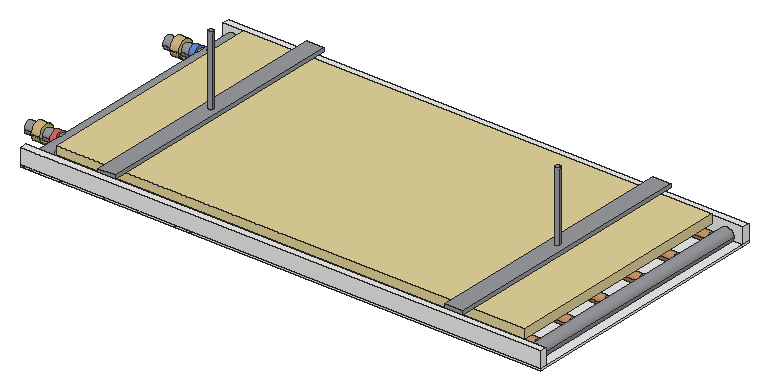
Revit family "CVC_Panneau-rayonnant_Zehnder_Carboline", category Equipement de génie climatique, Revit 2026
Family settings
  Cote de connecteur circulaire = Utiliser le diamètre
  Type d'élément = Normal
  Basée sur le plan de construction = Non
  Toujours verticalement = Oui
  Couper avec des vides une fois chargée = Non
  Conserver l'orientation des annotations = Non
  Partagée = Non
  Repère de localisation dans la pièce = Non
Parameters (values of type "600 x 1200")
  Source = "CCTP lot 12 § 4.8.2"
  Modèle = "Carboline"
  Fabricant = "Zehnder"
  Elévation par défaut = 0 mm
  Description = "Panneau rayonnant eau chaude"
  Caractéristiques CCTP = "Plafond, circulations et hall"
  A vérifier = "Longueur selon les besoins, à dimensionner"
Reference planes
  plane 1 "Centre (avant/arrière)": y = 0
  plane 2: z = 0
  plane 3 "Centre (gauche/droite)": x = 0
Forms (mm)
  Extrusion 1, solid, material "EHPAD_blanc"
    sketch origin (0, 0, 0) x (1, 0, 0) y (0, 1, 0)
      loop
        line (-600, -300) -> (600, -300) -> (600, 300) -> (-600, 300) -> (-600, -300)
    from 0 to 4
  Extrusion 2, solid, material "EHPAD_blanc"
    sketch origin (0, 0, 0) x (1, 0, 0) y (0, 1, 0)
      loop
        line (-600, -300) -> (600, -300) -> (600, -285) -> (-600, -285) -> (-600, -300)
    from 0 to 40
  Extrusion 3, solid, material "EHPAD_blanc"
    sketch origin (0, 0, 0) x (1, 0, 0) y (0, 1, 0)
      loop
        line (-600, 285) -> (600, 285) -> (600, 300) -> (-600, 300) -> (-600, 285)
    from 0 to 40
  Extrusion 4, solid, material "EHPAD_cuivre"
    sketch origin (-555, -250, 18) x (0, 1, 0) y (0, 0, 1)
      loop
        circle (0, 0) r 11
    from 0 to 1110
  Extrusion 5, solid, material "EHPAD_cuivre"
    sketch origin (-555, -150, 18) x (0, 1, 0) y (0, 0, 1)
      loop
        circle (0, 0) r 11
    from 0 to 1110
  Extrusion 6, solid, material "EHPAD_cuivre"
    sketch origin (-555, -50, 18) x (0, 1, 0) y (0, 0, 1)
      loop
        circle (0, 0) r 11
    from 0 to 1110
  Extrusion 7, solid, material "EHPAD_cuivre"
    sketch origin (-555, 50, 18) x (0, 1, 0) y (0, 0, 1)
      loop
        circle (0, 0) r 11
    from 0 to 1110
  Extrusion 8, solid, material "EHPAD_cuivre"
    sketch origin (-555, 150, 18) x (0, 1, 0) y (0, 0, 1)
      loop
        circle (0, 0) r 11
    from 0 to 1110
  Extrusion 9, solid, material "EHPAD_cuivre"
    sketch origin (-555, 250, 18) x (0, 1, 0) y (0, 0, 1)
      loop
        circle (0, 0) r 11
    from 0 to 1110
  Extrusion 10, solid, material "EHPAD_acier"
    sketch origin (-570, -275, 18) x (0, 0, 1) y (1, 0, 0)
      loop
        circle (0, 0) r 16
    from 0 to 550
  Extrusion 11, solid, material "EHPAD_acier"
    sketch origin (570, -275, 18) x (0, 0, 1) y (1, 0, 0)
      loop
        circle (0, 0) r 16
    from 0 to 550
  Extrusion 12, solid, material "EHPAD_isolant"
    sketch origin (0, 0, 32) x (1, 0, 0) y (0, 1, 0)
      loop
        line (-540, -270) -> (540, -270) -> (540, 270) -> (-540, 270) -> (-540, -270)
    from 0 to 20
  Extrusion 13, solid, material "EHPAD_acier"
    sketch origin (0, 0, 52) x (1, 0, 0) y (0, 1, 0)
      loop
        line (-420, -300) -> (-380, -300) -> (-380, 300) -> (-420, 300) -> (-420, -300)
    from 0 to 8
  Extrusion 14, solid, material "EHPAD_acier"
    sketch origin (-400, 0, 60) x (1, 0, 0) y (0, 1, 0)
      loop
        circle (0, 0) r 5
    from 0 to 160
  Extrusion 15, solid, material "EHPAD_acier"
    sketch origin (0, 0, 52) x (1, 0, 0) y (0, 1, 0)
      loop
        line (380, -300) -> (420, -300) -> (420, 300) -> (380, 300) -> (380, -300)
    from 0 to 8
  Extrusion 16, solid, material "EHPAD_acier"
    sketch origin (400, 0, 60) x (1, 0, 0) y (0, 1, 0)
      loop
        circle (0, 0) r 5
    from 0 to 160
  Extrusion 17, solid, material "EHPAD_acier"
    sketch origin (-570, -200, 18) x (0, -1, 0) y (0, 0, 1)
      loop
        circle (0, 0) r 13.45
    from 0 to 90
  Extrusion 18, solid, material "EHPAD_chaud"
    sketch origin (-586.2, -200, 18) x (0, -1, 0) y (0, 0, 1)
      loop
        circle (0, 0) r 16.45
    from 0 to 12.6
  Extrusion 19, solid, material "EHPAD_laiton"
    sketch origin (-619.5, -200, 18) x (0, -1, 0) y (0, 0, 1)
      loop
        circle (0, 0) r 19.485
    from 0 to 19.8
  Extrusion 20, solid, material "EHPAD_acier"
    sketch origin (-570, 200, 18) x (0, -1, 0) y (0, 0, 1)
      loop
        circle (0, 0) r 13.45
    from 0 to 90
  Extrusion 21, solid, material "EHPAD_froid"
    sketch origin (-586.2, 200, 18) x (0, -1, 0) y (0, 0, 1)
      loop
        circle (0, 0) r 16.45
    from 0 to 12.6
  Extrusion 22, solid, material "EHPAD_laiton"
    sketch origin (-619.5, 200, 18) x (0, -1, 0) y (0, 0, 1)
      loop
        circle (0, 0) r 19.485
    from 0 to 19.8
Dimensions and locks
  aligned and locked: level to plane 2
Connectors
  piping at (-660, -200, 18), diameter 20
    settings: on Extrusion 17, index 1, connector inside diameter 609.6 mm, connector length 0 mm, flow factor 0, pipe flow 0.0 L/s, pressure drop 0.0 Pa, fitting loss kfactor 0, connector angle 0.00°, fixture units 0, engagement length 0 mm, angle of deflection 0.00°, flow configuration 0, flow direction 0, fitting loss method 0, system type 7, joint type 0, gender type 0, connector reference index -1, connector utility 0, adjustable connector no, is connector primary yes, connector description "Aller"
  piping at (-660, 200, 18), diameter 20
    settings: on Extrusion 20, index 2, connector inside diameter 609.6 mm, connector length 0 mm, flow factor 0, pipe flow 0.0 L/s, pressure drop 0.0 Pa, fitting loss kfactor 0, connector angle 0.00°, fixture units 0, engagement length 0 mm, angle of deflection 0.00°, flow configuration 0, flow direction 0, fitting loss method 0, system type 8, joint type 0, gender type 0, connector reference index -1, connector utility 0, adjustable connector no, is connector primary no, connector description "Retour"
